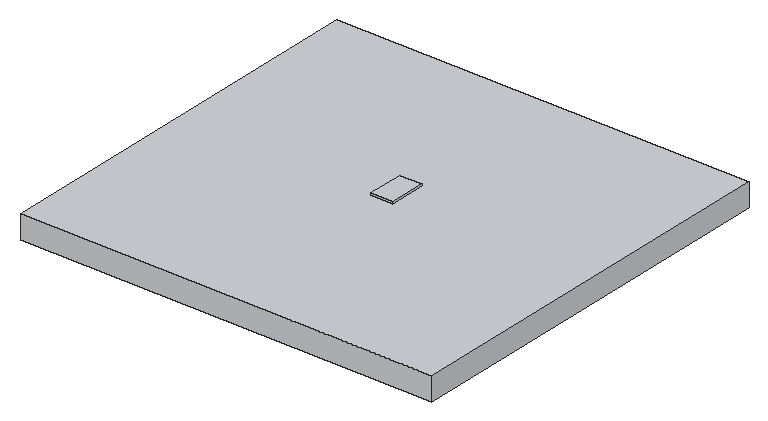
Revit family "DR Receptacle", category Electrical Fixtures, host Face, Revit 2015
Parameters (values of type "Standard")
  Switch Voltage = 120 V
  Load Classification = Receptacle
  Load = 0 VA
  Label = ""
  Default Elevation = 1' - 6"
  Assembly Code = ""
Reference planes (in)
  plane 1 "Center (Front/Back)": y = 0
  plane 2: z = 0
  plane 3 "Center (Left/Right)": x = 0
  plane 4: x = -1.375
  plane 5: x = 1.375
  plane 6: x = -0.75
  plane 7: x = 0.75
  plane 8: y = 2.25
  plane 9: y = -2.25
  plane 10: y = 1.5
  plane 11: y = -1.5
  plane 12 "level above": z = 0.1875
  plane 13 "level below": z = -2.125
Forms (in)
  Extrusion 1, solid
    sketch origin (0, 0, 0) x (1, 0, 0) y (0, 1, 0)
      loop
        line (-25.375, 22.5) -> (-25.375, -26.25) -> (25.375, -26.25) -> (25.375, 22.5) -> (-25.375, 22.5)
    from 0 to -2.86111
  Extrusion 2, solid
    sketch origin (0, 0, 0) x (1, 0, 0) y (0, 1, 0)
      loop
        line (-1.375, 2.25) -> (-1.375, -2.25) -> (1.375, -2.25) -> (1.375, 2.25) -> (-1.375, 2.25)
    from 0 to 0.1875
  Extrusion 3, solid
    sketch origin (0, 0, 0) x (1, 0, 0) y (0, 1, 0)
      loop
        line (-0.75, 1.5) -> (-0.75, -1.5) -> (0.75, -1.5) -> (0.75, 1.5) -> (-0.75, 1.5)
    from 0 to -2.125
Lines and regions (in)
  symbolic lines, detail levels fine
    curve 1: line (1.375, 0, 0) -> (-1.375, 0, 0)
    curve 2: line (1.375, 0, 0.1875) -> (1.375, 0, 0)
    curve 3: line (-1.375, 0, 0.1875) -> (1.375, 0, 0.1875)
    curve 4: line (-1.375, 0, 0) -> (-1.375, 0, 0.1875)
    curve 5: line (0.75, 0, -2.125) -> (-0.75, 0, -2.125)
    curve 6: line (0.75, 0, 0) -> (0.75, 0, -2.125)
    curve 7: line (-0.75, 0, -2.125) -> (-0.75, 0, 0)
Dimensions and locks (in)
  equal spacing: plane 6, plane 3 "Center (Left/Right)", plane 7, locked at 0.75 each
  locked: plane 6 to plane 7 at 1.5
  equal spacing: plane 4, plane 3 "Center (Left/Right)", plane 5, locked at 1.375 each
  locked: plane 4 to plane 5 at 2.75
  locked: plane 8 to plane 9 at 4.5
  locked: plane 12 "level above" to level at 0.1875
  locked: level to plane 13 "level below" at 2.125
  locked: plane 10 to plane 11 at 3
  equal spacing: plane 10, plane 1 "Center (Front/Back)", plane 11, locked at 1.5 each
  equal spacing: plane 8, plane 1 "Center (Front/Back)", plane 9, locked at 2.25 each
  aligned and locked: plane 2 to Extrusion 1
  aligned and locked: level to Extrusion 1
  aligned and locked: plane 8 to Extrusion 2
  aligned and locked: Extrusion 2 to plane 9
  aligned and locked: plane 5 to Extrusion 2
  aligned and locked: Extrusion 2 to plane 4
  aligned and locked: Extrusion 2 to level
  aligned and locked: plane 12 "level above" to Extrusion 2
  aligned and locked: plane 10 to Extrusion 3
  aligned and locked: Extrusion 3 to plane 6
  aligned and locked: plane 7 to Extrusion 3
  aligned and locked: Extrusion 3 to plane 11
  aligned and locked: Extrusion 3 to level
  aligned and locked: Extrusion 3 to plane 13 "level below"
  aligned and locked: curve 4 to plane 4
  aligned and locked: plane 5 to curve 2
  aligned and locked: curve 3 to plane 12 "level above"
  aligned and locked: plane 2 to curve 1
  aligned and locked: curve 7 to plane 6
  aligned and locked: plane 7 to curve 6
  aligned and locked: plane 13 "level below" to curve 5
Automatic sketch dimensions
  Extrusion 2 sketch curve to plane 4 = 0' - 0"
  Extrusion 2 sketch curve to plane 5 = 0' - 0"
  Extrusion 2 sketch curve to plane 9 = 0' - 0"
  Extrusion 2 sketch curve to plane 8 = 0' - 0"
  Extrusion 3 sketch curve to plane 6 = 0' - 0"
  Extrusion 3 sketch curve to plane 7 = 0' - 0"
  Extrusion 3 sketch curve to plane 11 = 0' - 0"
  Extrusion 3 sketch curve to plane 10 = 0' - 0"
  Extrusion 1 sketch curve to Extrusion 1 sketch curve = 4' - 2 3/4"
  Extrusion 1 sketch curve to Extrusion 1 sketch curve = 4' - 0 3/4"
Nested families (in)
  nested 1: "DR" at (0, 0, 0), type "DR"
    with Label ""
Connectors (in)
  electrical at (0, 1.5, -1.0625), driven by "Switch Voltage", driven by "Load", driven by "Load Classification"
    settings: on Extrusion 3, index 1, voltage 120 V, apparent load 0 VA, apparent load phase1 0 VA, apparent load phase2 0 VA, apparent load phase3 0 VA, power factor 1, load classification "Receptacle", number of poles 1, system type 31, power factor state 1, is connector primary yes, connector utility no, sub classification motor no, connector description ""
Definition of nested family "DR"
  Parameters (values of type "DR")
    Label [instance] = ""
  Reference planes (in)
    plane 1: y = 0
    plane 2: x = 0
  Lines and regions (in)
    detail lines
      curve 1: circle (0.00133, 0.1076, 0) r 0.0655 normal (0, 0, 1)
      curve 2: line (-0.02789, 0.16622, 0) -> (-0.02789, 0, 0)
      curve 3: line (0.03055, 0.16622, 0) -> (0.03055, 0, 0)
